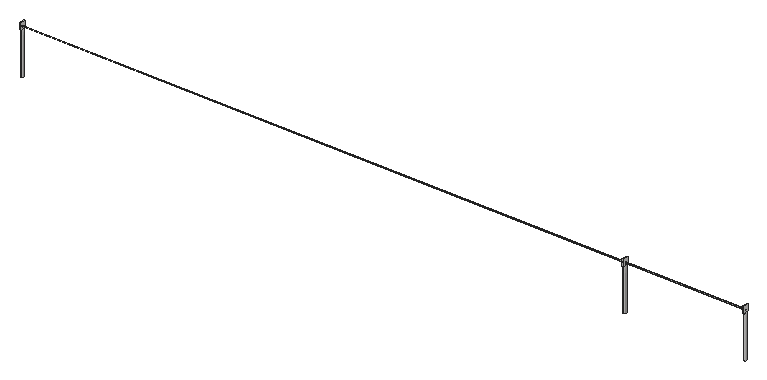
Revit family "BirdControl_Wire_BirdBGone_2000", category Specialty Equipment, Revit 2017
Family settings
  Round Connector Dimension = Use Diameter
  Part Type = Normal
  OmniClass Number = 23.40.10.14.14.99
  OmniClass Title = Other Manufactured Exterior Specialties
  Cut with Voids When Loaded = No
  Shared = No
  Room Calculation Point = No
Parameters (values of type "Wire System")
  Wire Height [instance] = 0' - 4 1/2"
  Warranty Duration (Years) = 0
  URL = "http://www.birdbgone.com/"
  Test Data = "http://www.birdbgone.com/bird-control-product-msds"
  Supports_Array [instance] = if(Supports > 1, Supports, 2)  # 2
  Supports [instance] = if(not(Int < Length Div), Int - 1, Int)  # 1
  SingleSupport [instance] = Supports = 1  # yes
  Int [instance] = Length Div  # 1
  Specification = "http://www.arcat.com/sdspecs/htm/10290bir.htm"
  SpecWizard = ""
  Send Message = "http://www.arcat.com/users.pl?action=UserEmail&company=Bird-B-Gone,%20Inc.&coid=38371&rep=147&fax=949-472-3116&mf="
  Sales Information = "http://www.birdbgone.com/bird-control-store/"
  Revision = "R1_10-2010"
  Product Properties = "http://www.arcat.com/bim/bim_info.pl?fn=BirdBGone"
  Product Data = "http://www.arcat.com/arcatcos/cos38/arc38371.html"
  Model = "As Specified in 10 81 19"
  Material = Metal - Stainless Steel - Bird B Gone
  Manufacturer Website = "http://www.birdbgone.com/"
  Manufacturer Phone - Toll Free = "800-392-6915"
  Manufacturer Phone = "949-472-3122"
  Manufacturer Fax = "949-472-3116"
  Manufacturer Address = "23918 Skyline, Mission Viejo, CA 92692"
  Manufacturer = "Bird-B-Gone, Inc."
  Maintenance Schedule (Months) = 0
  Length Div [instance] = [built-in parameter 1001306] / 5' 0"  # 1.2
  built-in parameter 1001306 [instance] = 6' - 0"
  Keynote = "10 81 19"
  Installation-Fabrication = "http://www.birdbgone.com/installation-instructions"
  Installation Phase = ""
  Green Building-LEED = "http://www.arcat.com/green/clients/leed_data_38371.html"
  Expected Lifespan (Years) = 0
  Drawn By = "Robert S. Weygant, CSI, CDT, SCIP"
  Description = "Bird Control Equipment as Specified in 10 81 19"
  Copyright = "2010 ARCAT, Inc."
  Construction Details = "http://www.arcat.com/details/birdbgon/birdbgon.html?coid=38371"
  Building Codes = "http://www.birdbgone.com/knowledge-center/"
  Assembly Code = "E1090900"
  Array [instance] = Supports > 1  # no
Reference planes (in)
  plane 1 "Center (Front/Back)": y = 0
  plane 2: z = 0
  plane 3 "Left": x = 0
  plane 4 "Right": x = 72
  plane 5 "Wire": z = 4.5
Forms (in)
  Sweep 1, solid, material "Metal - Stainless Steel - Bird B Gone" <- "Material", detail levels medium+fine
    path origin (0, 0, 4.5) x (-1, 0, 0) y (0, -1, 0)
      loop
        line (-72, 0) -> (0, 0)
    profile origin (36, 0, 4.5) x (0, -1, 0) y (0, 0, 1)
      loop
        circle (0, 0) r 0.03125
Lines and regions (in)
  reference lines
    curve 1: line (0, 0, 0) -> (72, 0, 0)
  model lines, style "Bird Control", detail levels coarse
    curve 2: line (0, 0, 4.5) -> (72, 0, 4.5)
Dimensions and locks (in)
  "built-in parameter 1001306": plane 3 "Left" to plane 4 "Right"
  group 1 to group 2 = 5' - 0"
  group 1 to group 2 = 0' - 0"  (x2)
  "Wire Height": plane 5 "Wire" to level
  aligned and locked: plane 4 "Right" to curve 1
  aligned and locked: plane 3 "Left" to curve 1
  aligned and locked: plane 4 "Right" to nested 4
Automatic sketch dimensions
  curve 1 to plane 1 "Center (Front/Back)" = 0' - 0"
  curve 2 to plane 1 "Center (Front/Back)" = 0' - 0"
  curve 2 to plane 4 "Right" = 0' - 0"
  curve 2 to plane 3 "Left" = 0' - 0"
  Sweep 1 sketch curve to plane 1 "Center (Front/Back)" = 0' - 0"
  Sweep 1 sketch curve to plane 4 "Right" = 0' - 0"
  Sweep 1 sketch curve to plane 3 "Left" = 0' - 0"
  Sweep 1 sketch curve to plane 5 "Wire" = 0' - 0"
  Sweep 1 sketch curve to profile plane = 0' - 0"
  radius of Sweep 1 sketch curve = 0' - 0 1/32"
Nested families (in)
  nested 1: "Support_Wire" at (60, 0, 0) x (0, 1, 0) z (0, 0, 1), Material <- "Material", Unit Height <- "Wire Height", visible <- "Array", type "BirdBGone template - Standalone"
    with offset 0' - 0", Unit Height 0' - 4 1/2", Material Metal - Stainless Steel - Bird B Gone
  nested 2: "Support_Wire" at (120, 0, 0) x (0, 1, 0) z (0, 0, 1), Material <- "Material", Unit Height <- "Wire Height", visible <- "Array", type "BirdBGone template - Standalone"
    with offset 0' - 0", Unit Height 0' - 4 1/2", Material Metal - Stainless Steel - Bird B Gone
  nested 3: "Support_Wire" at (0, 0, 0) x (0, 1, 0) z (0, 0, 1), Material <- "Material", Unit Height <- "Wire Height", type "BirdBGone template - Standalone"
    with offset 0' - 0", Unit Height 0' - 4 1/2", Material Metal - Stainless Steel - Bird B Gone
  nested 4: "Support_Wire" at (72, 0, 0) x (0, 1, 0) z (0, 0, 1), Material <- "Material", Unit Height <- "Wire Height", type "BirdBGone template - Standalone"
    with offset 0' - 0", Unit Height 0' - 4 1/2", Material Metal - Stainless Steel - Bird B Gone
  nested 5: "Support_Wire" at (60, 0, 0) x (0, 1, 0) z (0, 0, 1), Material <- "Material", Unit Height <- "Wire Height", visible <- "SingleSupport", type "BirdBGone template - Standalone"
    with offset 0' - 0", Unit Height 0' - 4 1/2", Material Metal - Stainless Steel - Bird B Gone
Definition of nested family "Support_Wire"
  Parameters
    offset [instance] = 0' - 0"
    Warranty Duration (Years) = 0
    Unit Width = 0' - 7"
    Unit Height [instance] = 0' - 5"
    Unit Depth = 0' - 0 1/4"
    URL = "http://www.birdbgone.com/"
    Test Data = "http://www.birdbgone.com/bird-control-product-msds"
    Specification = "http://www.arcat.com/sdspecs/htm/10290bir.htm"
    SpecWizard = ""
    Send Message = "http://www.arcat.com/users.pl?action=UserEmail&company=Bird-B-Gone,%20Inc.&coid=38371&rep=147&fax=949-472-3116&mf="
    Sales Information = "http://www.birdbgone.com/bird-control-store/"
    Revision = "R1_10-2010"
    Product Properties = "http://www.arcat.com/bim/bim_info.pl?fn=BirdBGone"
    Product Data = "http://www.arcat.com/arcatcos/cos38/arc38371.html"
    Model = "As Specified in 10 81 19"
    Material [instance] = none
    Manufacturer Website = "http://www.birdbgone.com/"
    Manufacturer Phone - Toll Free = "800-392-6915"
    Manufacturer Phone = "949-472-3122"
    Manufacturer Fax = "949-472-3116"
    Manufacturer Address = "23918 Skyline, Mission Viejo, CA 92692"
    Manufacturer = "Bird-B-Gone, Inc."
    Maintenance Schedule (Months) = 0
    Keynote = "10 81 19"
    Installation-Fabrication = "http://www.birdbgone.com/installation-instructions"
    Installation Phase = ""
    Green Building-LEED = "http://www.arcat.com/green/clients/leed_data_38371.html"
    Expected Lifespan (Years) = 0
    Drawn By = "Robert S. Weygant, CSI, CDT, SCIP"
    Description = "Bird Control Equipment as Specified in 10 81 19"
    Copyright = "wt"
    Construction Details = "http://www.arcat.com/details/birdbgon/birdbgon.html?coid=38371"
    Building Codes = "http://www.birdbgone.com/knowledge-center/"
    Assembly Code = "E1090900"
  Reference planes (in)
    plane 1 "Center (Front/Back)": y = 0
    plane 2 "Bottom": z = 0
    plane 3 "Center (Left/Right)": x = 0
    plane 4 "Top": z = 5
    plane 5: z = 4.5
    plane 6: z = 5.375
  Forms (in)
    Sweep 1, solid, material <- "Material", detail levels medium+fine
      path origin (0, 0, 0) x (0.707107, 0, 0.707107) y (-0.707107, 0, 0.707107)
        loop
          line (0, 0) -> (3.35876, 3.35876)
      profile origin (0, 0, 2.375) x (-1, 0, 0) y (0, -1, 0)
        loop
          circle (0, 0) r 0.125
    Extrusion 2, solid, material <- "Material", detail levels medium+fine
      sketch origin (0, 0, 0) x (0.707107, 0, 0.707107) y (-0.707107, 0, 0.707107)
        loop
          line (3.62392, 3.97748) -> (3.20408, 3.55763) -> (3.25743, 3.25743) -> (3.55763, 3.20408) -> (3.97748, 3.62392) -> (3.62392, 3.97748)
        loop
          circle (3.53553, 3.53553) r 0.125
      from -0.0625 to 0.0625
  Cuts and joins
    joined: Sweep 1, Extrusion 2
  Lines and regions (in)
    model lines, detail levels coarse
      curve 1: line (0, 0, 0) -> (0, 0, 5)
  Dimensions and locks (in)
    "Unit Height": plane 4 "Top" to level
    plane 6 to plane 4 "Top" to plane 5 = 0' - 0 3/8" locked, 0' - 0 1/2" locked
    locked: plane 4 "Top" to Sweep 1 sketch curve at 0.25
    aligned and locked: level to Sweep 1 sketch curve
  Automatic sketch dimensions
    Sweep 1 sketch curve to profile plane = 0' - 0"  (x2)
    curve 1 to level = 0' - 0"
    curve 1 to plane 3 "Center (Left/Right)" = 0' - 0"  (x2)
    curve 1 to plane 4 "Top" = 0' - 0"
    Extrusion 2 sketch curve to plane 3 "Center (Left/Right)" = 0' - 0"  (x2)
    Extrusion 2 sketch curve to plane 4 "Top" = 0' - 0"
    Extrusion 2 sketch curve to plane 6 = 0' - 0"  (x2)
    Extrusion 2 sketch curve to Extrusion 2 sketch curve = 0' - 0.2781"
    Extrusion 2 sketch curve to Extrusion 2 sketch curve = 0' - 0.05335"
    Extrusion 2 sketch curve to Extrusion 2 sketch curve = 0' - 0.3002"
    Extrusion 2 sketch curve to Extrusion 2 sketch curve = 0' - 0.08839"
    Extrusion 2 sketch curve to Extrusion 2 sketch curve = 0' - 0.44194"
    Sweep 1 sketch curve to plane 3 "Center (Left/Right)" = 0' - 0"  (x2)
    radius of Sweep 1 sketch curve = 0' - 0 1/8"
    radius of Extrusion 2 sketch curve = 0' - 0 1/8"
